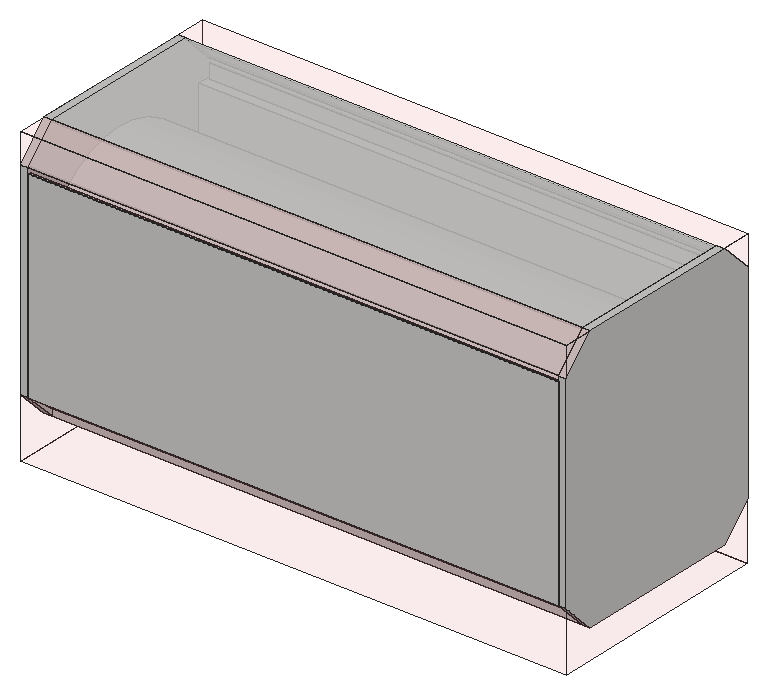
Revit family "Air-Curtain_Customer-Entry_PoweredAire_CED", category Mechanical Equipment, host Face, Revit 2025
Family settings
  Host = Face
  Round Connector Dimension = Use Diameter
  Part Type = Normal
  OmniClass Number = 23.75.35.17.21
  OmniClass Title = Air Curtains
  Cut with Voids When Loaded = No
  Maintain Annotation Orientation = No
  Shared = No
  Room Calculation Point = No
Parameters
  Warranty Duration (Years) = 0
  Unit Width Notes = "Other Widths available."  # constant formula
  Unit Width = 3' - 0"
  Unit Weight = 0
  Unit Height = 1' - 3"
  Unit Depth = 1' - 5 1/2"
  URL = "http://www.poweredaire.com/"
  Test Data = ""
  Temperature Rise_Range = "as Specified"
  Standards Conformance = "as Specified"
  Specification = "http://www.arcat.com/sdspecs/htm04/23_34_33pai.htm"
  SpecWizard = ""
  Sound Pressure = "as Specified"
  Sales Information = "http://www.poweredaire.com/contact_us"
  Revision = "R1_2016-08"
  Projection from Host [instance] = 0' - 2"
  Product Properties = ""
  Product Data = "http://www.arcat.com/arcatcos/cos47/arc47623.html"
  Power Rating = 0 W
  Outlet Volume_Range = "as Specified"
  Outlet Velocity_Range = "as Specified"
  Nozzle Width = if(1 = 1, Unit Width - 0' 1", 0' 0")  # 2' - 11"
  Mounting Width = if(1 = 1, Unit Width - 0' 0 15/16", 0' 0")  # 2' - 11 1/16"
  Mounting Height [instance] = 3' - 6"
  Motor RPM = 0
  Motor HP = 0
  Motor Count = 0
  Model = "As Specified"
  Max Height = 0' - 0"
  Manufacturer Website = "http://www.poweredaire.com/"
  Manufacturer Phone - Toll Free = "888-321-2473"
  Manufacturer Phone = "724-588-3305"
  Manufacturer Fax = "724-588-3371"
  Manufacturer Address = "109 Mortensen Rd.  Greenville, PA 16125"
  Manufacturer = "Powered Aire, Inc"
  Maintenance Schedule (Months) = 0
  Keynote = "23 34 33"
  Installation-Fabrication = ""
  Installation Phase = ""
  Include Clearance [instance] = yes
  Heating Element Load = 0 W
  HVAC_Temperature Rise [instance] = 0 °F
  HVAC_Outlet Volume [instance] = 0 CFM
  HVAC_Outlet Velocity Uniformity = 0
  HVAC_Outlet Velocity [instance] = 0 FPM
  Green Building-LEED = "http://www.arcat.com/green/clients/leed_data_47623.html"
  Front Grating Material [instance] = Metal - Steel - PoweredAire - Stainless 304 Perforated
  Frame Finish [instance] = Metal - Steel - PoweredAire - Stainless 304
  Expected Lifespan (Years) = 0
  Electrical_Wattage [instance] = Power Rating + Heating Element Load  # 0 W
  Electrical_Voltage [instance] = 0 V
  Electrical_Phase [instance] = 1
  Electrical_Frequency [instance] = 0 Hz
  Electrical_Amperage [instance] = 0 A
  Drawn By = "Sumex Design, Inc. / Robert S. Weygant, CSI, CDT, SCIP"
  Description = "Powered Aire Air Curtain as Specified"
  Default Elevation = 0' - 0"  # constant formula
  Copyright = "©Arcat Inc."
  Construction Details = "http://www.arcat.com/details/powair/prod3336.html"
  Clearance_Top [instance] = 0' - 0"
  Clearance_Side B [instance] = 0' - 0"
  Clearance_Side A [instance] = 0' - 0"
  Clearance_Intake [instance] = 0' - 0"
  Clearance_Bottom [instance] = 0' - 0"
  Clearance Material [instance] = ARCAT Clearance
  Building Codes = ""
  Available Options [instance] = "as Specified"
  Assembly Code = "D3090400"
Reference planes (in)
  plane 1 "Center (Elevation)": y = 0.13818
  plane 2: z = 0
  plane 3 "Center (Left/Right)": x = 0
  plane 4: y = 7.63818
  plane 5: y = -7.36182
  plane 6: x = -18
  plane 7: x = 18
  plane 8: z = 19.5
  plane 9 "FF": y = -41.86182
  plane 10: z = 2
  plane 11: x = 17.5
  plane 12: x = -17.5
  plane 13: y = 7.63818
  plane 14: y = -7.36182
  plane 15: x = -18
  plane 16: x = 18
  plane 17: z = 19.5
Forms (in)
  Extrusion 1, solid, material "Metal - Steel - PoweredAire - Stainless 304" <- "Frame Finish"
    sketch origin (0, 0, 0) x (0, 1, 0) y (0, 0, 1)
      loop
        line (5.69363, 2) -> (7.63818, 3.94454) -> (7.63818, 17.55546) -> (5.69363, 19.5) -> (-5.41728, 19.5) -> (-7.36182, 17.55546) -> (-7.36182, 3.94454) -> (-5.41728, 2) -> (5.69363, 2)
    from 17.5 to 18
  Extrusion 2, solid, material "Metal - Steel - PoweredAire - Stainless 304" <- "Frame Finish"
    sketch origin (0, 0, -0.5) x (0, 1, 0) y (0, 0, 1)
      loop
        circle (0.13818, 10.9739) r 6.25
      loop
        line (6.63818, 16.89427) -> (6.63818, 5.87829) -> (7.33849, 5.87829) -> (7.33849, 16.89427) -> (6.63818, 16.89427)
      loop
        line (-7.02798, 16.76927) -> (-7.02798, 5.75329) -> (-6.36182, 5.75329) -> (-6.36182, 16.76927) -> (-7.02798, 16.76927)
    from -17.5 to 17.5
  Extrusion 3, solid, material "Metal - Steel - PoweredAire - Stainless 304" <- "Frame Finish"
    sketch origin (0, 0, 0) x (0, 1, 0) y (0, 0, -1)
      loop
        line (5.69363, -2) -> (-5.41728, -2) -> (-7.36182, -3.94454) -> (-7.36182, -17.55546) -> (-5.41728, -19.5) -> (5.69363, -19.5) -> (7.63818, -17.55546) -> (7.63818, -3.94454) -> (5.69363, -2)
    from 17.5 to 18
  Extrusion 4, solid, material "Metal - Steel - PoweredAire - Stainless 304" <- "Frame Finish"
    sketch origin (0, 0, 0) x (0, 1, 0) y (0, 0, 1)
      loop
        line (-5.41728, 2) -> (5.69363, 2) -> (7.63818, 3.94454) -> (7.63818, 17.19454) -> (7.51318, 17.19454) -> (7.51318, 3.99632) -> (5.64186, 2.125) -> (-5.29228, 2.125) -> (-5.29228, 4.06954) -> (-7.23682, 4.06954) -> (-7.23682, 17.19454) -> (-7.36182, 17.19454) -> (-7.36182, 3.94454) -> (-5.41728, 3.94454) -> (-5.41728, 2)
      loop
        line (-6.64819, 3.61034) -> (-5.8702, 2.83235) -> (-5.74472, 2.95783) -> (-6.52271, 3.73583) -> (-6.64819, 3.61034)
    from -17.5 to 17.5
  Extrusion 5, solid, material "Metal - Steel - PoweredAire - Stainless 304 Perforated" <- "Front Grating Material"
    sketch origin (0, 0, 0) x (0, 1, 0) y (0, 0, 1)
      loop
        line (-7.36182, 17.19454) -> (-7.23682, 17.19454) -> (-7.23682, 17.50368) -> (-5.3655, 19.375) -> (5.64186, 19.375) -> (7.51318, 17.50368) -> (7.51318, 17.19454) -> (7.63818, 17.19454) -> (7.63818, 17.55546) -> (5.69363, 19.5) -> (-5.41728, 19.5) -> (-7.36182, 17.55546) -> (-7.36182, 17.19454)
    from -17.5 to 17.5
  Extrusion 6, solid, material "ARCAT Clearance" <- "Clearance Material", visible <- "Include Clearance"
    sketch origin (0, 0, 0) x (0, 1, 0) y (0, 0, 1)
      loop
        line (-7.36182, 19.5) -> (-7.36182, 0) -> (7.63818, 0) -> (7.63818, 19.5) -> (-7.36182, 19.5)
    from -18 to 18
Dimensions and locks (in)
  equal spacing: plane 4, plane 1 "Center (Elevation)", plane 5
  "Unit Height": plane 4 to plane 5
  equal spacing: plane 6, plane 3 "Center (Left/Right)", plane 7
  "Unit Width": plane 6 to plane 7
  "Mounting Height": plane 1 "Center (Elevation)" to plane 9 "FF"
  "Projection from Host": plane 10 to level
  "Unit Depth": plane 8 to plane 10
  locked: plane 6 to plane 12 at 0.5
  locked: plane 11 to plane 7 at 0.5
  "Clearance_Side A": plane 7 to plane 16
  "Clearance_Side B": plane 15 to plane 6
  "Clearance_Top": plane 13 to plane 4
  "Clearance_Bottom": plane 5 to plane 14
  "Clearance_Intake": plane 17 to plane 8
  aligned and locked: plane 2 to host face
  aligned and locked: level to host face
  aligned and locked: plane 7 to Extrusion 1
  aligned and locked: Extrusion 1 to plane 11
  aligned and locked: plane 12 to Extrusion 3
  aligned and locked: Extrusion 3 to plane 6
  aligned and locked: Extrusion 2 to plane 12
  aligned and locked: plane 11 to Extrusion 2
  aligned and locked: plane 11 to Extrusion 4
  aligned and locked: Extrusion 4 to plane 12
  aligned and locked: plane 11 to Extrusion 5
  aligned and locked: Extrusion 5 to plane 12
  aligned and locked: Extrusion 6 sketch curve to plane 17
  aligned and locked: plane 14 to Extrusion 6 sketch curve
  aligned and locked: level to Extrusion 6 sketch curve
  aligned and locked: Extrusion 6 sketch curve to plane 13
  aligned and locked: plane 16 to Extrusion 6
  aligned and locked: Extrusion 6 to plane 15
Automatic sketch dimensions
  host sketch curve to host sketch curve = 8' - 0"  (x2)
  Extrusion 1 sketch curve to plane 5 = 0' - 0"
  Extrusion 1 sketch curve to plane 8 = 0' - 0"
  Extrusion 1 sketch curve to plane 10 = 0' - 0"
  Extrusion 1 sketch curve to plane 4 = 0' - 0"
  plane 5 to Extrusion 1 sketch curve = 0' - 1.94454"  (x2)
  Extrusion 1 sketch curve to plane 4 = 0' - 1.94454"  (x2)
  plane 10 to Extrusion 1 sketch curve = 0' - 1.94454"  (x2)
  Extrusion 1 sketch curve to plane 8 = 0' - 1.94454"  (x2)
  Extrusion 2 sketch curve to plane 1 "Center (Elevation)" = 0' - 0"
  plane 5 to Extrusion 2 sketch curve = 0' - 1"
  plane 5 to Extrusion 2 sketch curve = 0' - 0.33384"
  Extrusion 2 sketch curve to plane 4 = 0' - 1"
  Extrusion 2 sketch curve to plane 4 = 0' - 0.29969"
  plane 10 to Extrusion 2 sketch curve = 0' - 3.37829"
  plane 10 to Extrusion 2 sketch curve = 0' - 3.25329"
  Extrusion 2 sketch curve to plane 8 = 0' - 9.0261"
  Extrusion 2 sketch curve to plane 8 = 0' - 3.23073"
  Extrusion 2 sketch curve to plane 8 = 0' - 3.10573"
  Extrusion 3 sketch curve to plane 5 = 0' - 0"
  Extrusion 3 sketch curve to plane 8 = 0' - 0"
  Extrusion 3 sketch curve to plane 10 = 0' - 0"
  Extrusion 3 sketch curve to plane 4 = 0' - 0"
  plane 5 to Extrusion 3 sketch curve = 0' - 1.94454"  (x2)
  Extrusion 3 sketch curve to plane 4 = 0' - 1.94454"  (x2)
  Extrusion 3 sketch curve to plane 8 = 0' - 1.94454"  (x2)
  plane 10 to Extrusion 3 sketch curve = 0' - 1.94454"  (x2)
  Extrusion 4 sketch curve to plane 5 = 0' - 0"
  Extrusion 4 sketch curve to plane 10 = 0' - 0"
  Extrusion 4 sketch curve to plane 4 = 0' - 0"
  plane 5 to Extrusion 4 sketch curve = 0' - 0 1/8"
  plane 5 to Extrusion 4 sketch curve = 0' - 0.71363"
  Extrusion 4 sketch curve to Extrusion 4 sketch curve = 0' - 0.12548"  (x2)
  Extrusion 4 sketch curve to Extrusion 4 sketch curve = 0' - 0.778"
  Extrusion 4 sketch curve to Extrusion 4 sketch curve = 0' - 0.32744"
  Extrusion 4 sketch curve to Extrusion 4 sketch curve = 0' - 0 1/8"  (x2)
  plane 10 to Extrusion 4 sketch curve = 0' - 0 1/8"
  Extrusion 4 sketch curve to plane 4 = 0' - 1.99632"
  Extrusion 4 sketch curve to Extrusion 4 sketch curve = 0' - 0.05178"  (x2)
  plane 10 to Extrusion 4 sketch curve = 0' - 0.83235"
  plane 10 to Extrusion 4 sketch curve = 0' - 1.94454"
  Extrusion 4 sketch curve to Extrusion 4 sketch curve = 0' - 0.3342"
  Extrusion 4 sketch curve to plane 4 = 0' - 0 1/8"
  Extrusion 4 sketch curve to plane 8 = 0' - 2.30546"  (x2)
  Extrusion 5 sketch curve to plane 5 = 0' - 0"
  Extrusion 5 sketch curve to plane 8 = 0' - 0"
  Extrusion 5 sketch curve to plane 4 = 0' - 0"
  plane 5 to Extrusion 5 sketch curve = 0' - 0 1/8"
  plane 5 to Extrusion 5 sketch curve = 0' - 1.94454"
  Extrusion 5 sketch curve to plane 8 = 0' - 0 1/8"
  Extrusion 5 sketch curve to Extrusion 5 sketch curve = 0' - 0.05178"  (x4)
  Extrusion 5 sketch curve to plane 4 = 0' - 1.99632"
  Extrusion 5 sketch curve to plane 8 = 0' - 1.94454"  (x2)
  Extrusion 5 sketch curve to Extrusion 5 sketch curve = 0' - 0 1/8"
  Extrusion 5 sketch curve to Extrusion 5 sketch curve = 0' - 0.30914"  (x2)
  radius of Extrusion 2 sketch curve = 0' - 6 1/4"
Connectors (in)
  electrical at (0, 7.63818, 10.56954), driven by "Electrical_Phase", driven by "Electrical_Voltage"
    settings: on Extrusion 4, index 1, voltage 0 V, apparent load 0 VA, apparent load phase1 0 VA, apparent load phase2 0 VA, apparent load phase3 0 VA, power factor 1, load classification "Motor", number of poles 1, system type 31, power factor state 1, is connector primary yes, connector utility no, sub classification motor no, connector description ""
